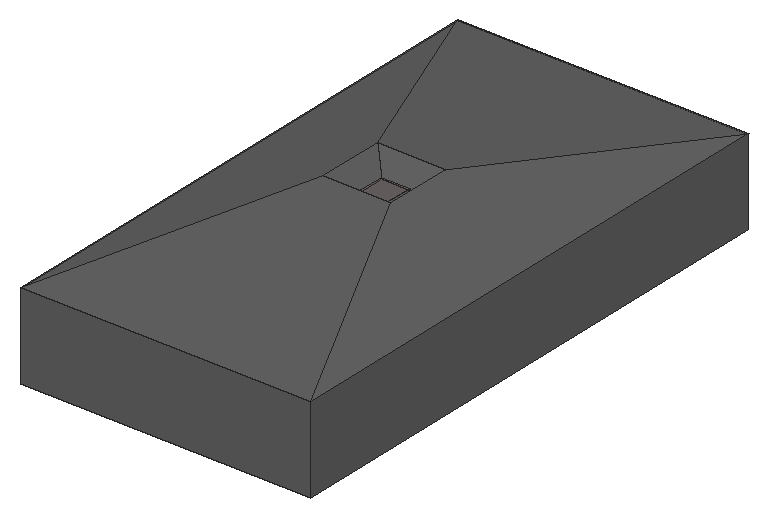
Revit family "Proximity Reader_P-300_Farpointe_R16", category Security Devices, host Face, Revit 2016
Family settings
  Host = Face
  Maintain Annotation Orientation = No
  Part Type = Normal
  Round Connector Dimension = Use Diameter
  Cut with Voids When Loaded = No
  Shared = No
  Room Calculation Point = No
Parameters
  Width = 1.7"
  URL - Quick Start Guides [instance] = "http://farpointedata.com/downloads/qsg_and_ref/ProximityReaders_QSG.pdf"
  URL - Mounting Guides Letter Size [instance] = "http://farpointedata.com/downloads/mounting_guides/MountingGuide_P300_Ltr.pdf"
  URL - Mounting Guides A4 Size [instance] = "http://farpointedata.com/downloads/mounting_guides/MountingGuide_P300_A4.pdf"
  URL - Data Sheets [instance] = "http://farpointedata.com/downloads/datasheets/P300_TDS.pdf"
  URL - Bid Specifications [instance] = "http://farpointedata.com/downloads/bid_specs/Farpointe_Pyramid_Specification.docx"
  URL = "http://www.farpointedata.com/"
  Modeled By [instance] = "www.commensestudio.com"
  Model = "P-300"  # constant formula
  Manufacturer = "Farpointe Data"  # constant formula
  LED [instance] = LED
  Height = 3.2"
  Description = "Mullion Mount"  # constant formula
  Depth = 0.7"
  Default Elevation = 48"
  Cover [instance] = Cover
Reference planes (in)
  plane 1 "Center (Front/Back)": y = 0
  plane 2: z = 0
  plane 3 "Center (Left/Right)": x = 0
  plane 4: x = -0.85
  plane 5: x = 0.85
  plane 6: y = 1.6
  plane 7: y = -1.6
  plane 8: z = 0.7
Forms (in)
  Extrusion 1, solid, material "Cover" <- "Cover"
    sketch origin (0, 0, 0) x (1, 0, 0) y (0, 1, 0)
      loop
        line (-0.85, -1.6) -> (0.85, -1.6) -> (0.85, 1.6) -> (-0.85, 1.6) -> (-0.85, -1.6)
    from 0 to 0.5
  Blend 2, solid, material "Cover" <- "Cover"
    base sketch origin (0, 0, 0) x (1, 0, 0) y (0, 1, 0)
      loop
        line (-0.85, 1.6) -> (-0.85, -1.6) -> (0.85, -1.6) -> (0.85, 1.6) -> (-0.85, 1.6)
    top sketch origin (0, 0, 0) x (1, 0, 0) y (0, 1, 0)
      loop
        line (-0.19907, -0.19907) -> (0.19907, -0.19907) -> (0.19907, 0.19907) -> (-0.19907, 0.19907) -> (-0.19907, -0.19907)
    from 0.5 to 0.7
  Extrusion 3, solid, material "LED" <- "LED"
    sketch origin (0, 0, 0) x (1, 0, 0) y (0, 1, 0)
      loop
        line (0.085, -0.085) -> (0.085, 0.085) -> (-0.085, 0.085) -> (-0.085, -0.085) -> (0.085, -0.085)
    from 0.5 to 0.61
  Blend 4, void
    base sketch origin (0, 0, 0) x (1, 0, 0) y (0, 1, 0)
      loop
        line (-0.085, 0.085) -> (-0.085, -0.085) -> (0.085, -0.085) -> (0.085, 0.085) -> (-0.085, 0.085)
    top sketch origin (0, 0, 0) x (1, 0, 0) y (0, 1, 0)
      loop
        line (-0.19907, 0.19907) -> (-0.19907, -0.19907) -> (0.19907, -0.19907) -> (0.19907, 0.19907) -> (-0.19907, 0.19907)
    from 0.6 to 0.7
Cuts and joins
  Blend 4 cuts Blend 2
Dimensions and locks (in)
  equal spacing: plane 7, plane 1 "Center (Front/Back)", plane 6
  equal spacing: plane 4, plane 3 "Center (Left/Right)", plane 5
  "Height": plane 7 to plane 6
  "Width": plane 4 to plane 5
  "Depth": plane 8 to level
  aligned and locked: plane 2 to host face
  aligned and locked: level to host face
Automatic sketch dimensions
  host sketch curve to host sketch curve = 96"  (x2)
  Extrusion 1 sketch curve to plane 4 = 0"
  Extrusion 1 sketch curve to plane 5 = 0"
  plane 7 to Extrusion 1 sketch curve = 0"
  plane 6 to Extrusion 1 sketch curve = 0"
  Blend 2 sketch curve to plane 4 = 0"
  Blend 2 sketch curve to plane 5 = 0"
  plane 7 to Blend 2 sketch curve = 0"
  plane 6 to Blend 2 sketch curve = 0"
  Extrusion 3 sketch curve to plane 3 "Center (Left/Right)" = 0.085"
  plane 3 "Center (Left/Right)" to Extrusion 3 sketch curve = 0.085"
  plane 1 "Center (Front/Back)" to Extrusion 3 sketch curve = 0.085"
  Extrusion 3 sketch curve to plane 1 "Center (Front/Back)" = 0.085"
  Blend 4 sketch curve to plane 3 "Center (Left/Right)" = 0.085"
  plane 3 "Center (Left/Right)" to Blend 4 sketch curve = 0.085"
  plane 1 "Center (Front/Back)" to Blend 4 sketch curve = 0.085"
  Blend 4 sketch curve to plane 1 "Center (Front/Back)" = 0.085"
  Blend 4 sketch curve to plane 3 "Center (Left/Right)" = 0.19907"
  plane 3 "Center (Left/Right)" to Blend 4 sketch curve = 0.19907"
  plane 1 "Center (Front/Back)" to Blend 4 sketch curve = 0.19907"
  Blend 4 sketch curve to plane 1 "Center (Front/Back)" = 0.19907"
  Blend 2 sketch curve to plane 3 "Center (Left/Right)" = 0.19907"
  Blend 2 sketch curve to plane 1 "Center (Front/Back)" = 0.19907"
  plane 3 "Center (Left/Right)" to Blend 2 sketch curve = 0.19907"
  plane 1 "Center (Front/Back)" to Blend 2 sketch curve = 0.19907"
Connectors (in)
  electrical at (0, 0, 0)
    settings: index 3, voltage 0 V, apparent load 0 VA, apparent load phase1 0 VA, apparent load phase2 0 VA, apparent load phase3 0 VA, power factor 1, load classification "Other", number of poles 1, system type 10, power factor state 1, is connector primary yes, connector utility no, sub classification motor no, connector description ""
